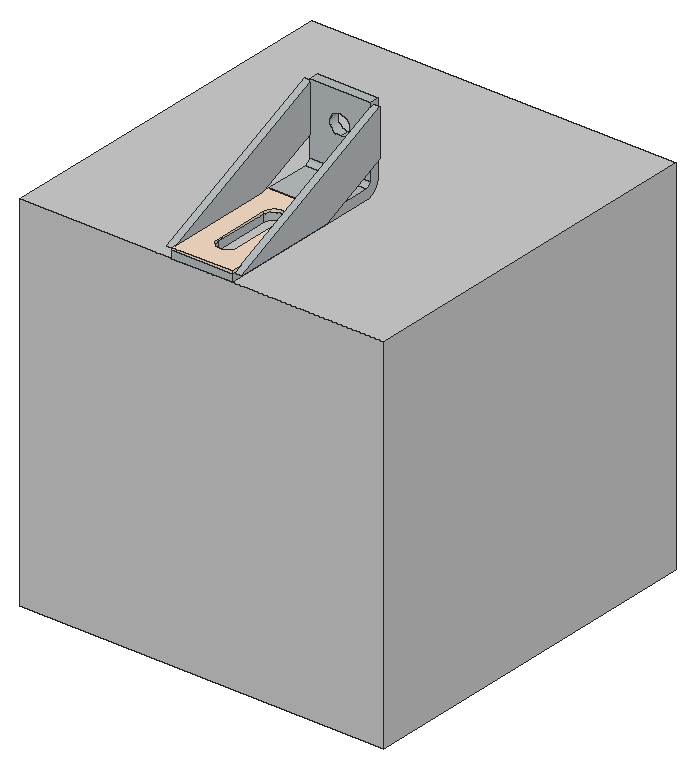
Revit family "REC-PARA150708R-2", category Structural Connections, host Face, Revit 2024
Family settings
  Host = Face
  Material for Model Behavior = Steel
  Enable Cutting in Views = Yes
  Cut with Voids When Loaded = Yes
  Shared = No
Parameters (values of type "PARA150708R-2")
  Visible = yes
  URL_Product_(Producto) = ""
  URL_DataSheet_(FichaTecnica) = ""
  URL_CE_Marking_(MarcadoCE) = ""
  Type IFC Predefined Type = "Brackets"
  Type Comments = ""
  URL = "https://recense.com/"
  Model = "PARA150708R-2"
  Manufacturer = "RECENSE"
  Keynote_ESP = "Anclaje antivuelco para fijación de paneles a estructura de hormigón mediante la interposición de perfiles y/ó tornillos de anclaje expansivo."
  Keynote = "Anti-tilt anchor for fixing panels to concrete structures by means of interposing profiles and/or expansion anchor bolts."
  IFCExportType = Classification.Uniclass.Pr.Description  # "Brackets"
  IFCExportAs = "IfcElementAssembly"
  Fecha de Creacion: = "01/03/2024"
  Fecha Ultima Revision: = "01/03/2024"
  Export Type to IFC As = "IfcElementAssembly"
  Description_ESP = "Pletina angular reforzada antideslizante 150x70x50x8 mm, coliso 17x64 mm con dentado en un ala y taladro Ø17 mm en la otra."
  Description = "Non-slip reinforced angle plate 150x70x50x8 mm with the slotted hole 64X17 mm on one side and hole Ø17 mm on another side."
  Default Elevation = 0.0 mm
  Creado por: = "Deliprogal SL"
  Cost = 0
  Classification.Uniclass.Ss.Number = ""
  Classification.Uniclass.Ss.Description = ""
  Classification.Uniclass.Pr.Number = "Pr_20_85_09"
  Classification.Uniclass.Pr.Description = "Brackets"
  Classification.Uniclass.EF.Number = ""
  Classification.Uniclass.EF.Description = ""
  Classification.Space.Number = ""
  Classification.Space.Description = ""
  Classification.Facility.Number = ""
  Classification.Facility.Description = ""
  Assembly Code = ""
Reference planes
  plane 1 "Center (Front/Back)": y = 0
  plane 2: z = 0
  plane 3 "Center (Left/Right)": x = 0
Forms (mm)
  Extrusion 1, solid, material "REC_Base"
    sketch origin (0, -719.2, 0) x (1, 0, 0) y (0, 1, 0)
      loop
        line (-150, 869.2) -> (-150, 569.2) -> (150, 569.2) -> (150, 869.2) -> (-150, 869.2)
    from 0 to -300
  Extrusion 2, solid, material "REC_Acero, S 275JR (Zincado)"
    sketch origin (25, 261.333, 0) x (0, -1, 0) y (0, 0, 1)
      loop
        line (269.333, 70) -> (261.333, 70) -> (261.333, 12)
        arc (261.333, 12) -> (264.848, 3.515) -> (273.333, 0) r 12
        line (273.333, 0) -> (411.333, 0) -> (411.333, 6) -> (311.333, 6) -> (311.333, 8) -> (273.333, 8)
        arc (273.333, 8) -> (270.505, 9.172) -> (269.333, 12) r 4
        line (269.333, 12) -> (269.333, 70)
    from 0 to 50
  Extrusion 3, void
    sketch origin (25, 0, 0) x (-1, 0, 0) y (0, -1, 0)
      loop
        arc (33.5, 123.5) -> (25, 132) -> (16.5, 123.5) r 8.5
        line (16.5, 123.5) -> (16.5, 76.5)
        arc (16.5, 76.5) -> (25, 68) -> (33.5, 76.5) r 8.5
        line (33.5, 76.5) -> (33.5, 123.5)
    from 8 to 0
  Extrusion 4, void
    sketch origin (25, 0, 0) x (0, 0, 1) y (-1, 0, 0)
      loop
        circle (45, 25) r 8.5
    from 0 to 8
  Extrusion 5, solid, material "REC_Acero, S 275JR (Zincado)"
    sketch origin (25, 261.333, -140) x (0, -1, 0) y (0, 0, 1)
      loop
        line (267.333, 208) -> (267.333, 169.809) -> (321.864, 146) -> (409.333, 146) -> (267.333, 208)
    from 0 to -6
  Extrusion 6, solid, material "REC_Acero, S 275JR (Zincado)"
    sketch origin (-31, 261.333, -140) x (0, -1, 0) y (0, 0, -1)
      loop
        line (267.333, -208) -> (409.333, -146) -> (321.864, -146) -> (267.333, -169.809) -> (267.333, -208)
    from 0 to 6
  Extrusion 7, solid, material "REC_Denteado"
    sketch origin (25, 0, 0) x (0, -1, 0) y (0, 0, 1)
      loop
        line (50, 8) -> (50, 6) -> (150, 6) -> (150, 8) -> (50, 8)
    from 0 to 50
Cuts and joins
  Extrusion 3, Extrusion 4 cuts Extrusion 2
  joined: Extrusion 2, Extrusion 5, Extrusion 6
  Extrusion 3 cuts Extrusion 7
Dimensions and locks
  aligned and locked: plane 2 to Extrusion 1
  aligned and locked: level to Extrusion 1
  aligned and locked: Extrusion 2 to Extrusion 4
  aligned and locked: Extrusion 4 to Extrusion 2
  aligned and locked: Extrusion 3 to Extrusion 2
